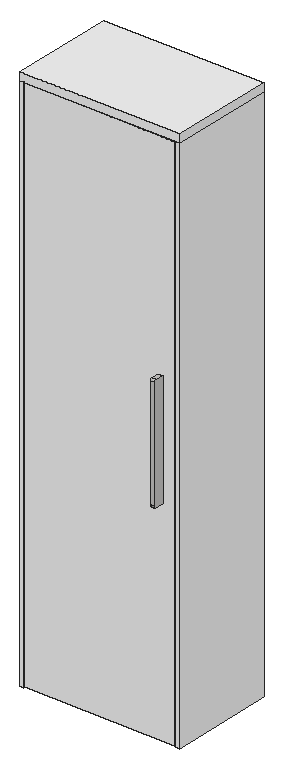
Revit family "47388 - Ifö Sense High Cabinet with doors, white", category Generic Models, Revit 2015
Parameters (values of type "47388 - Ifö Sense High Cabinet with doors, white")
  ifcExportType = "n/a"
  ifcExportAs = "n/a"
  Width = 320 mm
  WarrantyStartDate = "n/a"
  WarrantyGuarantorParts = "n/a"
  WarrantyGuarantorLabor = "n/a"
  WarrantyDurationUnit = "n/a"
  WarrantyDurationParts = "n/a"
  WarrantyDurationLabor = "n/a"
  WarrantyDescription = "n/a"
  URL.se = "http://www.ifo.se/produkter/mobler/"
  URL.no = "http://www.ifosanitar.no/produkter/baderomsmbler/"
  URL.dk = "http://www.ifo.dk/produkter/badevrelsesmbler/"
  URL = "n/a"
  Type Comments = "n/a"
  Type = "Building element"
  TagNumber = "n/a"
  SustainabilityPerformance = "n/a"
  Size = "320x1105x210"
  Shape = "Square"
  Serie = "Sense"
  SerialNumber = "n/a"
  ReplacementCost = "n/a"
  Panel = White
  NominalWidth = 320 mm
  NominalHeight = 1105 mm
  NominalDepth = 210 mm
  Name = "Ifö Sense half high cabinet with door"
  MountingHeight(offset) = 1365 mm
  ModelReference = "Sense"
  ModelNumber = "47388"
  Model = "Ifö Sense High Cabinet with doors, white"
  Material = "MDF Chipboard"
  Manufacturer = "Geberit"
  Keynote = "n/a"
  InstallationDate = "n/a"
  Height = 1105 mm
  Handle = Metal-Steel
  Grade = "n/a"
  Finish = "n/a"
  Features = "feature1, feature2, feature59"
  ExpectedLife = "n/a"
  DurationUnit = "n/a"
  DrainSize = 0 mm
  Description = "Ifö Sense half high cabinet with door"
  Depth = 210 mm
  Constituents = "n/a"
  Color = "White"
  CodePerformance = "n/a"
  Category = "WashHandBasin"
  CabinetMaterial = "MDF Chipboard"
  CE labeling = "n/a"
  Brand = "Ifö"
  BarCode = "n/a"
  BIMObjectName = "47388 - Ifö Sense High Cabinet with doors, white"
  AssetType = "n/a"
  AssetIdentifier = "n/a"
  AccessibilityPerformance = "n/a"
Reference planes
  plane 1 "Center (Front/Back)": y = 0
  plane 2: z = 260
  plane 3 "Center (Left/Right)": x = 0
  plane 4 "Left": x = -160
  plane 5 "Right": x = 160
  plane 6: x = -144
  plane 7: x = 144
  plane 8: y = -210
  plane 9: y = -194
  plane 10: z = 1365
  plane 11: z = 1349
  plane 12: z = 1348
  plane 13: z = 631
  plane 14: z = 511
  plane 15: z = 688.5
  plane 16: z = 918.5
  plane 17: z = 277
  plane 18: z = 261
  plane 19: z = 0
Forms (mm)
  Extrusion 1, solid, material "White" <- "Panel"
    sketch origin (-0.354, -85.192, 0) x (1, 0, 0) y (0, 1, 0)
      loop
        line (144.354, 85.192) -> (144.354, -107.808) -> (152.354, -107.808) -> (152.354, -124.808) -> (160.354, -124.808) -> (160.354, 85.192) -> (144.354, 85.192)
    from 260 to 1349
  Extrusion 2, solid, material "White" <- "Panel"
    sketch origin (0.354, -85.192, 0) x (-1, 0, 0) y (0, -1, 0)
      loop
        line (144.354, -85.192) -> (160.354, -85.192) -> (160.354, 124.808) -> (152.354, 124.808) -> (152.354, 107.808) -> (144.354, 107.808) -> (144.354, -85.192)
    from 260 to 1349
  Extrusion 3, solid, material "White" <- "Panel"
    sketch origin (0.354, -105, 0) x (1, 0, 0) y (0, 1, 0)
      loop
        line (-150.354, -89) -> (-150.354, -105) -> (149.646, -105) -> (149.646, -89) -> (-150.354, -89)
    from 261 to 1348
  Extrusion 4, solid, material "White" <- "Panel"
    sketch origin (0.354, -105, 0) x (1, 0, 0) y (0, 1, 0)
      loop
        line (-160.354, 105) -> (-160.354, -105) -> (159.646, -105) -> (159.646, 105) -> (-160.354, 105)
    from 1349 to 1365
  Extrusion 5, solid, material "Metal-Steel" <- "Handle"
    sketch origin (160, 0, 0) x (0, 1, 0) y (0, 0, -1)
      loop
        line (-210, -918.5) -> (-210, -688.5) -> (-227, -688.5)
        arc (-227, -688.5) -> (-229.121, -689.379) -> (-230, -691.5) r 3
        line (-230, -691.5) -> (-230, -915.5)
        arc (-230, -915.5) -> (-229.121, -917.621) -> (-227, -918.5) r 3
        line (-227, -918.5) -> (-210, -918.5)
    from 34 to 42
  Extrusion 6, void
    sketch origin (118, 0, 0) x (0, -1, 0) y (0, 0, -1)
      loop
        arc (223, -739.5) -> (219.192, -730.308) -> (210, -726.5) r 13
        line (210, -726.5) -> (210, -880.5)
        arc (210, -880.5) -> (219.192, -876.692) -> (223, -867.5) r 13
        line (223, -867.5) -> (223, -739.5)
    from 0 to 5
  Extrusion 7, solid, material "White" <- "Panel"
    sketch origin (0, 0, 0) x (1, 0, 0) y (0, 1, 0)
      loop
        line (-144, 0) -> (-144, -193) -> (144, -193) -> (144, 0) -> (-144, 0)
    from 261 to 277
  Extrusion 8, solid, material "White" <- "Panel"
    sketch origin (0, 0, 0) x (1, 0, 0) y (0, 1, 0)
      loop
        line (-144, 0) -> (-144, -16) -> (144, -16) -> (144, 0) -> (-144, 0)
    from 511 to 631
  Extrusion 9, solid, material "White" <- "Panel"
    sketch origin (0, -32, 0) x (1, 0, 0) y (0, 1, 0)
      loop
        line (-144, 11) -> (144, 11) -> (144, 16) -> (-144, 16) -> (-144, 11)
    from 277 to 1349
Cuts and joins
  Extrusion 6 cuts Extrusion 1
  Extrusion 6 cuts Extrusion 3
  Extrusion 6 cuts Extrusion 5
Lines and regions (mm)
  Masking region 1
    outline origin (0, 0, 0) x (1, 0, 0) y (0, 1, 0)
      loop
        line (-160, 0) -> (-160, -210) -> (160, -210) -> (160, 0) -> (-160, 0)
  Masking region 2
    outline origin (0, 0, 0) x (1, 0, 0) y (0, 1, 0)
      loop
        line (118, -210) -> (118, -230) -> (126, -230) -> (126, -210) -> (118, -210)
  Masking region 3
    outline origin (160, 0, 0) x (0, 1, 0) y (0, 0, 1)
      loop
        line (0, 1365) -> (-210, 1365) -> (-210, 260) -> (0, 260) -> (0, 1365)
  Masking region 4
    outline origin (0, 0, 0) x (1, 0, 0) y (0, 0, 1)
      loop
        line (-160, 1365) -> (-160, 260) -> (-144, 260) -> (-144, 261) -> (144, 261) -> (144, 260) -> (160, 260) -> (160, 1365) -> (-160, 1365)
  Masking region 5
    outline origin (-160, 0, 0) x (0, 1, 0) y (0, 0, 1)
      loop
        arc (-230, 691.5) -> (-229.121, 689.379) -> (-227, 688.5) r 3
        line (-227, 688.5) -> (-210, 688.5) -> (-210, 726.5)
        arc (-210, 726.5) -> (-219.192, 730.308) -> (-223, 739.5) r 13
        line (-223, 739.5) -> (-223, 867.5)
        arc (-223, 867.5) -> (-219.192, 876.692) -> (-210, 880.5) r 13
        line (-210, 880.5) -> (-210, 918.5) -> (-227, 918.5)
        arc (-227, 918.5) -> (-229.121, 917.621) -> (-230, 915.5) r 3
        line (-230, 915.5) -> (-230, 691.5)
  Masking region 6
    outline origin (160, 0, 0) x (0, 1, 0) y (0, 0, 1)
      loop
        arc (-230, 691.5) -> (-229.121, 689.379) -> (-227, 688.5) r 3
        line (-227, 688.5) -> (-210, 688.5) -> (-210, 726.5)
        arc (-210, 726.5) -> (-219.192, 730.308) -> (-223, 739.5) r 13
        line (-223, 739.5) -> (-223, 867.5)
        arc (-223, 867.5) -> (-219.192, 876.692) -> (-210, 880.5) r 13
        line (-210, 880.5) -> (-210, 918.5) -> (-227, 918.5)
        arc (-227, 918.5) -> (-229.121, 917.621) -> (-230, 915.5) r 3
        line (-230, 915.5) -> (-230, 691.5)
  symbolic lines
    curve 1: line (160, 0, 1349) -> (160, -210, 1349)
    curve 2: line (-160, 0, 1349) -> (160, 0, 1349)
    curve 3: line (118, 0, 918.5) -> (126, 0, 918.5)
    curve 4: line (118, 0, 688.5) -> (118, 0, 918.5)
    curve 5: line (126, 0, 688.5) -> (118, 0, 688.5)
    curve 6: line (126, 0, 918.5) -> (126, 0, 688.5)
    curve 7: line (-150, 0, 1349) -> (-150, 0, 261)
    curve 8: line (150, 0, 261) -> (150, 0, 1349)
    curve 9: line (-152, 0, 1349) -> (-152, 0, 260)
    curve 10: line (152, 0, 260) -> (152, 0, 1349)
    curve 11: line (-150, 0, 1348) -> (150, 0, 1348)
    curve 12: line (144, 0, 261) -> (150, 0, 261)
    curve 13: line (-144, 0, 261) -> (-150, 0, 261)
    curve 14: arc (-160, -223, 883.5) -> (-160, -219.192, 892.692) -> (-160, -210, 896.5) r 13
    curve 15: line (-160, -223, 883.5) -> (-160, -223, 755.5)
    curve 16: arc (-160, -223, 755.5) -> (-160, -219.192, 746.308) -> (-160, -210, 742.5) r 13
Dimensions and locks
  equal spacing: plane 4 "Left", plane 3 "Center (Left/Right)", plane 5 "Right"
  locked: plane 4 "Left" to plane 6 at 16
  locked: plane 7 to plane 5 "Right" at 16
  "Width": plane 4 "Left" to plane 5 "Right"
  locked: plane 8 to plane 9 at 16
  "Depth": plane 8 to plane 1 "Center (Front/Back)"
  locked: plane 10 to plane 11 at 16
  locked: Extrusion 2 to plane 4 "Left" at 8
  locked: cut or joined group of Extrusion 3, Extrusion 6 to plane 4 "Left" at 10
  locked: cut or joined group of Extrusion 1, Extrusion 6 to plane 5 "Right" at 8
  locked: cut or joined group of Extrusion 3, Extrusion 6 to plane 5 "Right" at 10
  locked: plane 11 to plane 12 at 1
  locked: plane 16 to plane 15 at 230
  locked: plane 15 to plane 13 at 57.5
  locked: plane 13 to plane 14 at 120
  locked: plane 14 to plane 17 at 234
  locked: plane 17 to plane 18 at 16
  locked: plane 18 to plane 2 at 1
  locked: Extrusion 6 sketch curve to plane 15 at 51
  locked: plane 16 to Extrusion 6 sketch curve at 51
  "MountingHeight(offset)": plane 10 to plane 19
  "Height": plane 10 to plane 2
  aligned and locked: Extrusion 3 to plane 9
  aligned and locked: Extrusion 3 to Extrusion 1
  aligned and locked: Extrusion 2 to plane 4 "Left"
  aligned and locked: plane 6 to Extrusion 2
  aligned and locked: Extrusion 1 to plane 5 "Right"
  aligned and locked: plane 7 to Extrusion 1
  aligned and locked: plane 10 to Extrusion 4
  aligned and locked: Extrusion 4 to Extrusion 1
  aligned and locked: Extrusion 4 to plane 11
  aligned and locked: Extrusion 1 to Extrusion 2
  aligned and locked: Extrusion 2 to Extrusion 9
  aligned and locked: plane 1 "Center (Front/Back)" to Masking region 1 sketch curve
  aligned and locked: plane 5 "Right" to Masking region 1 sketch curve
  aligned and locked: Masking region 1 sketch curve to plane 8
  aligned and locked: plane 4 "Left" to Masking region 1 sketch curve
  aligned and locked: Masking region 2 sketch curve to cut or joined group of Extrusion 5, Extrusion 6  (x4)
  aligned and locked: Masking region 3 sketch curve to Extrusion 4  (x2)
  aligned and locked: Masking region 3 sketch curve to Extrusion 2  (x2)
  aligned and locked: plane 11 to Extrusion 2
  aligned and locked: Masking region 4 sketch curve to plane 10
  aligned and locked: plane 4 "Left" to Masking region 4 sketch curve
  aligned and locked: plane 5 "Right" to Masking region 4 sketch curve
  aligned and locked: plane 2 to Masking region 4 sketch curve  (x2)
  aligned and locked: Masking region 4 sketch curve to plane 7
  aligned and locked: Masking region 4 sketch curve to plane 6
  aligned and locked: curve 2 to plane 11
  aligned and locked: curve 3 to cut or joined group of Extrusion 5, Extrusion 6
  aligned and locked: curve 4 to cut or joined group of Extrusion 5, Extrusion 6
  aligned and locked: curve 5 to cut or joined group of Extrusion 5, Extrusion 6
  aligned and locked: curve 6 to cut or joined group of Extrusion 5, Extrusion 6
  aligned and locked: plane 12 to cut or joined group of Extrusion 3, Extrusion 6
  aligned and locked: curve 11 to cut or joined group of Extrusion 3, Extrusion 6
  aligned and locked: plane 16 to Extrusion 5
  aligned and locked: Extrusion 5 to plane 15
  aligned and locked: plane 13 to Extrusion 8
  aligned and locked: Extrusion 8 to plane 14
  aligned and locked: plane 17 to Extrusion 7
  aligned and locked: cut or joined group of Extrusion 3, Extrusion 6 to plane 18
  aligned and locked: cut or joined group of Extrusion 1, Extrusion 6 to plane 2
  aligned and locked: Extrusion 2 to plane 2
  aligned and locked: plane 2 to Extrusion 2  (x2)
  aligned and locked: plane 2 to cut or joined group of Extrusion 1, Extrusion 6  (x2)
  aligned and locked: Extrusion 5 sketch curve to plane 16
  aligned and locked: plane 15 to Extrusion 5 sketch curve
  aligned and locked: Extrusion 9 to plane 17
  aligned and locked: Extrusion 7 to plane 18
  aligned and locked: cut or joined group of Extrusion 3, Extrusion 6 to Masking region 4
  aligned and locked: curve 12 to plane 18
  aligned and locked: plane 18 to curve 13
  aligned and locked: Masking region 5 sketch curve to cut or joined group of Extrusion 5, Extrusion 6  (x7)
  aligned and locked: Masking region 6 sketch curve to cut or joined group of Extrusion 5, Extrusion 6  (x6)
  aligned and locked: cut or joined group of Extrusion 5, Extrusion 6 to Masking region 6 sketch curve
Automatic sketch dimensions
  level to Masking region 4 sketch curve = 261 mm
  plane 1 "Center (Front/Back)" to Extrusion 1 sketch curve = 0 mm
  Extrusion 1 sketch curve to plane 7 = 0 mm
  plane 8 to Extrusion 1 sketch curve = 0 mm
  Extrusion 1 sketch curve to plane 5 "Right" = 0 mm
  Extrusion 1 sketch curve to Extrusion 1 sketch curve = 8 mm
  Extrusion 1 sketch curve to plane 9 = 1 mm
  plane 1 "Center (Front/Back)" to Extrusion 2 sketch curve = 0 mm
  Extrusion 2 sketch curve to plane 6 = 0 mm
  plane 8 to Extrusion 2 sketch curve = 0 mm
  Extrusion 2 sketch curve to plane 4 "Left" = 0 mm
  Extrusion 2 sketch curve to Extrusion 2 sketch curve = 8 mm
  plane 9 to Extrusion 2 sketch curve = 1 mm
  plane 8 to Extrusion 3 sketch curve = 0 mm
  plane 9 to Extrusion 3 sketch curve = 0 mm
  Extrusion 3 sketch curve to plane 6 = 6 mm
  Extrusion 3 sketch curve to plane 7 = 6 mm
  Extrusion 4 sketch curve to plane 4 "Left" = 0 mm
  Extrusion 4 sketch curve to plane 5 "Right" = 0 mm
  plane 8 to Extrusion 4 sketch curve = 0 mm
  plane 1 "Center (Front/Back)" to Extrusion 4 sketch curve = 0 mm
  Extrusion 5 sketch curve to plane 8 = 0 mm
  Extrusion 5 sketch curve to plane 8 = 17 mm  (x2)
  Extrusion 5 sketch curve to Extrusion 5 sketch curve = 3 mm
  Extrusion 7 sketch curve to plane 6 = 0 mm
  Extrusion 7 sketch curve to plane 7 = 0 mm
  plane 1 "Center (Front/Back)" to Extrusion 7 sketch curve = 0 mm
  Extrusion 7 sketch curve to plane 9 = 1 mm
  Extrusion 8 sketch curve to plane 6 = 0 mm
  Extrusion 8 sketch curve to plane 7 = 0 mm
  plane 1 "Center (Front/Back)" to Extrusion 8 sketch curve = 0 mm
  plane 1 "Center (Front/Back)" to Extrusion 8 sketch curve = 16 mm
  Extrusion 9 sketch curve to plane 6 = 0 mm
  Extrusion 9 sketch curve to plane 7 = 0 mm
  Extrusion 9 sketch curve to plane 1 "Center (Front/Back)" = 16 mm
  Extrusion 9 sketch curve to Extrusion 9 sketch curve = 5 mm
  curve 1 to plane 8 = 0 mm
  curve 1 to plane 1 "Center (Front/Back)" = 0 mm
  curve 1 to plane 11 = 0 mm
  curve 14 to plane 8 = 0 mm
  plane 8 to curve 15 = 13 mm
  curve 15 to plane 12 = 464.5 mm
  curve 15 to curve 14 = 128 mm
  curve 16 to plane 8 = 0 mm
  Extrusion 6 sketch curve to Extrusion 5 = 0 mm
  Extrusion 5 to Extrusion 6 sketch curve = 7 mm
  curve 2 to plane 4 "Left" = 0 mm
  curve 9 to plane 2 = 0 mm
  curve 13 to plane 6 = 0 mm
  plane 7 to curve 12 = 0 mm
  curve 10 to plane 2 = 0 mm
  plane 5 "Right" to curve 2 = 0 mm
  curve 13 to plane 6 = 6 mm
  curve 9 to curve 7 = 2 mm
  curve 8 to plane 7 = 6 mm
  curve 8 to curve 10 = 2 mm
